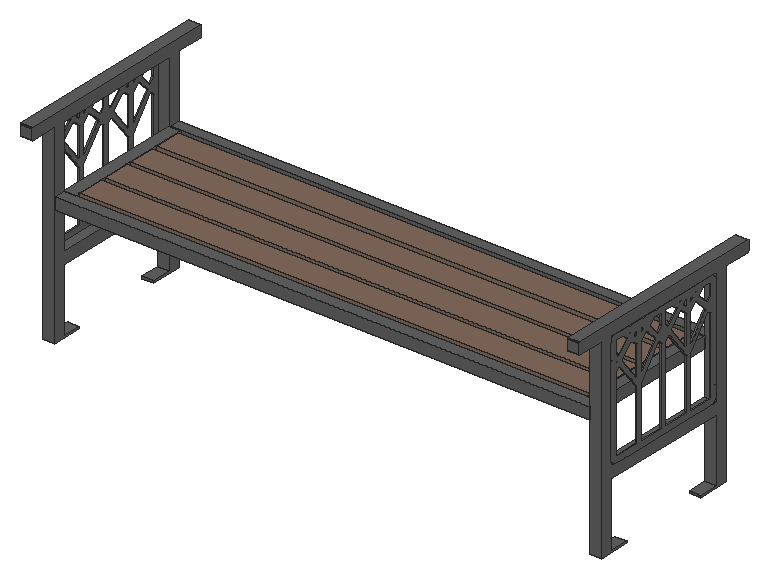
Revit family
Parameters (values of type "BN1-1100")
  Type Comments = "Backless Bench"
  Side Panel Width = Length  # 6' - 0"
  Seat Material = Wood - SiteScapes - IPE - Brown
  Product Page URL = "http://www.sitescapesonline.com/banning-park-benches.asp"
  Product Documentation Link = "http://www.sitescapesonline.com/PDF/BN1-1100%20-%20Customer%20Print.PDF"
  Panel Back Width = 5' - 7"
  Model = "BN1-1100"
  Manufacturer = "SiteScapes Inc."  # constant formula
  Length = 6' - 0"
  Height = 2' - 2 1/2"  # constant formula
  Frame Width = 5' - 9"
  Bench Material = Steel - SiteScapes - Powder Coat - Onyx
  Description = "Banning Pattern, Backless Bench, Six foot length, Steel Bar Ends"
  Depth = 2' - 2 1/2"  # constant formula
  Copyright © = " 2010 SiteScapes Inc."  # constant formula
  Bracing Width [instance] = 1' - 8"
  02 Bracing Horizontal Type = Bracing-Horizontal-SiteScapes-Square_Steel_Tube : Square_Steel_Tube-6ft
  01 Panel Type = Seat-Panel-SiteScapes-Slat : Wood_Slats-6ft
Reference planes (in)
  plane 1 "Center Front/Back": y = 0
  plane 2 "Original Bottom": z = 0
  plane 3 "Center Left/Right": x = 0
  plane 4 "Left": x = -36
  plane 5 "Right": x = 36
  plane 6 "Side Panel Width L": x = -34.5
  plane 7 "Side Panel Width R": x = 34.5
  plane 8 "Front": y = -26.5
  plane 9 "Frame Side Origin F/B": y = -3
  plane 10 "Frame Side Origin T/B": z = 0
  plane 11 "Frame Back Origin F/B": y = -1.375
  plane 12 "Frame Back Origin T/B": z = 0
  plane 13 "Bracing Origin F/B": y = -23
  plane 14 "Bracing Origin T/B": z = 17
  plane 15 "Panel Seat Origin F/B": y = -21.5
  plane 16 "Panel Seat Origin T/B": z = 17
  plane 17 "Panel Back Origin F/B": y = -2.9375
  plane 18 "Panel Back Origin T/B": z = 0
  plane 19 "Panel Side Origin F/B": y = -4.625
  plane 20 "Panel Side Origin T/B": z = 10
  plane 21 "Top": z = 26.5
  plane 22 "Side Panel Right": x = 36
  plane 23 "Side Panel Left": x = -36
  plane 24 "Arm Rest Origin T/B": z = 14.5
  plane 25 "Arm Rest Origin F/B": y = -4.75
Dimensions and locks (in)
  equal spacing: plane 4 "Left", plane 3 "Center Left/Right", plane 5 "Right"
  "Length": plane 4 "Left" to plane 5 "Right"
  locked: plane 23 "Side Panel Left" to plane 6 "Side Panel Width L" at 1.5
  locked: plane 7 "Side Panel Width R" to plane 22 "Side Panel Right" at 1.5
  locked: plane 9 "Frame Side Origin F/B" to plane 1 "Center Front/Back" at 3
  plane 17 "Panel Back Origin F/B" to plane 1 "Center Front/Back" = 0' - 2 15/16"
  plane 11 "Frame Back Origin F/B" to plane 1 "Center Front/Back" = 0' - 1 3/8"
  locked: plane 19 "Panel Side Origin F/B" to plane 1 "Center Front/Back" at 4.625
  locked: plane 13 "Bracing Origin F/B" to plane 1 "Center Front/Back" at 23
  locked: plane 15 "Panel Seat Origin F/B" to plane 1 "Center Front/Back" at 21.5
  "Depth": plane 8 "Front" to plane 1 "Center Front/Back"
  locked: plane 10 "Frame Side Origin T/B" to plane 2 "Original Bottom"
  locked: plane 12 "Frame Back Origin T/B" to plane 2 "Original Bottom" at 0
  locked: plane 18 "Panel Back Origin T/B" to plane 2 "Original Bottom" at 0
  locked: plane 14 "Bracing Origin T/B" to plane 2 "Original Bottom" at 17
  locked: plane 20 "Panel Side Origin T/B" to plane 2 "Original Bottom" at 10
  locked: plane 16 "Panel Seat Origin T/B" to plane 2 "Original Bottom" at 17
  "Height": plane 21 "Top" to plane 2 "Original Bottom"
  equal spacing: plane 23 "Side Panel Left", plane 3 "Center Left/Right", plane 22 "Side Panel Right"
  "Side Panel Width": plane 23 "Side Panel Left" to plane 22 "Side Panel Right"
  plane 24 "Arm Rest Origin T/B" to plane 2 "Original Bottom" = 1' - 2 1/2"
  "Bracing Width": plane 9 "Frame Side Origin F/B" to plane 13 "Bracing Origin F/B"
  aligned and locked: level to plane 2 "Original Bottom"
  aligned: nested 1 to plane 5 "Right"
  aligned: plane 4 "Left" to nested 2
  aligned: plane 10 "Frame Side Origin T/B" to nested 1  (x2)
  aligned: nested 1 to plane 9 "Frame Side Origin F/B"
  aligned and locked: plane 14 "Bracing Origin T/B" to nested 3
  aligned: plane 13 "Bracing Origin F/B" to nested 3
  aligned: plane 3 "Center Left/Right" to nested 3
  aligned: nested 1 to plane 22 "Side Panel Right"  (x2)
  aligned: plane 23 "Side Panel Left" to nested 2  (x3)
  aligned and locked: nested 4 to plane 25 "Arm Rest Origin F/B"
  aligned and locked: plane 24 "Arm Rest Origin T/B" to nested 4
  aligned: plane 3 "Center Left/Right" to nested 4
  aligned and locked: plane 10 "Frame Side Origin T/B" to nested 2
  aligned and locked: nested 1 to plane 9 "Frame Side Origin F/B"
  aligned and locked: plane 10 "Frame Side Origin T/B" to nested 1
  aligned: nested 2 to plane 9 "Frame Side Origin F/B"
  aligned: plane 13 "Bracing Origin F/B" to nested 2  (x2)
  aligned: plane 15 "Panel Seat Origin F/B" to nested 2
  aligned and locked: nested 2 to plane 6 "Side Panel Width L"
  aligned and locked: plane 7 "Side Panel Width R" to nested 1
  aligned and locked: plane 6 "Side Panel Width L" to nested 3
  aligned: nested 3 to plane 7 "Side Panel Width R"
  aligned and locked: plane 13 "Bracing Origin F/B" to nested 3
  aligned and locked: nested 2 to plane 9 "Frame Side Origin F/B"
  aligned and locked: plane 20 "Panel Side Origin T/B" to nested 5
  aligned and locked: plane 20 "Panel Side Origin T/B" to nested 6
  aligned and locked: nested 5 to plane 19 "Panel Side Origin F/B"
  aligned and locked: nested 6 to plane 19 "Panel Side Origin F/B"
  aligned and locked: plane 23 "Side Panel Left" to nested 5
  aligned and locked: nested 6 to plane 22 "Side Panel Right"
  aligned and locked: plane 3 "Center Left/Right" to nested 7
  aligned and locked: plane 3 "Center Left/Right" to nested 8
  aligned and locked: plane 16 "Panel Seat Origin T/B" to nested 8
  aligned and locked: plane 16 "Panel Seat Origin T/B" to nested 7
  aligned and locked: plane 15 "Panel Seat Origin F/B" to nested 7
  aligned and locked: plane 15 "Panel Seat Origin F/B" to nested 8
  aligned and locked: plane 3 "Center Left/Right" to nested 9
  aligned and locked: plane 14 "Bracing Origin T/B" to nested 9
  aligned and locked: plane 13 "Bracing Origin F/B" to nested 9
Nested families (in)
  nested 1: "Frame-Side-SiteScapes-Backless_Wall_Steel_Tubing" at (35.25, -3, 0), type "27 3/4"x33 7/8""
  nested 2: "Frame-Side-SiteScapes-Backless_Wall_Steel_Tubing" at (-35.25, -3, 0), type "27 3/4"x33 7/8""
  nested 3: "Bracing-Horizontal-SiteScapes-Steel_Sheet_Metal_Square" at (0, -3, 15.5), type "1 1/2"x1/4"x5'-9""
  nested 4: "Unused-SiteScapes-Component" at (-0.25, -4.75, 14.5), type "Empty Space"
  nested 5: "Panel-Side-SiteScapes-Backless_Steel_Sheet_Metal" at (-35.91, -4.625, 10), type "1' 8 3/4"x9 1/4"x3/16""
  nested 6: "Panel-Side-SiteScapes-Backless_Steel_Sheet_Metal" at (35.91, -4.625, 10), type "1' 8 3/4"x9 1/4"x3/16""
  nested 7: "Seat-Panel-SiteScapes-Slat" at (0, -5.0625, 16), type <- "01 Panel Type", type "Wood_Slats-6ft"
  nested 8: "Seat-Panel-SiteScapes-Slat" at (0, -5.0625, 16), type <- "01 Panel Type", type "Wood_Slats-6ft"
  nested 9: "Bracing-Horizontal-SiteScapes-Square_Steel_Tube" at (0, -3, 15.5), type <- "02 Bracing Horizontal Type", type "Square_Steel_Tube-6ft", detail levels medium+fine
    with Has Support Bars yes
Definition of nested family "Frame-Side-SiteScapes-Backless_Wall_Steel_Tubing"
  Parameters (values of type "27 3/4"x33 7/8"")
    Width = 0' - 1 1/2"
    Product Page URL = ""
    Product Documentation Link = ""
    Material = Steel - SiteScapes - Powder Coat - Onyx
    Frame Back Height = 2' - 9 7/8"
    Depth = 1' - 11.49714"
    Copyright © = ""
    Bracing Height Inset = 0' - 10"
    Assembly Code = ""
    Arm Rest Height = 2' - 2 1/4"
  Reference planes (in)
    plane 1 "Center (Front/Back)": y = 0
    plane 2 "Original Bottom": z = 0
    plane 3 "Center (Left/Right)": x = 0
    plane 4 "Left": x = -0.75
    plane 5 "Right": x = 0.75
    plane 6 "Right Offset": x = 1
    plane 7 "Left Offset": x = -1
    plane 8 "Bottom Base": z = 0.25
    plane 9 "Back Inset": y = -4
    plane 10 "Front": y = -20
    plane 11 "Front Inset": y = -16
    plane 12: z = 26.5
    plane 13: z = 10
  Forms (in)
    Sweep 1, solid, material "Steel - SiteScapes - Powder Coat - Onyx" <- "Material", detail levels medium+fine
      path origin (0, 0, 0) x (1, 0, 0) y (0, 0, 1)
        loop
          line (0.75, 33.875) -> (-0.75, 33.875)
      profile origin (0, 0, 33.875) x (0, 0, -1) y (0, -1, 0)
        loop
          line (7.375, -3.50286) -> (7.5, -3.50286) -> (7.5, -3.62214) -> (8.75, -3.62214) -> (8.75, -3.49714) -> (8.875, -3.49714) -> (8.875, 0) -> (33.625, 0) -> (33.875, 0) -> (33.875, 4) -> (33.625, 4) -> (33.625, 1.5) -> (25.375, 1.5) -> (25.375, 18.5) -> (33.625, 18.5) -> (33.625, 16) -> (33.875, 16) -> (33.875, 20) -> (33.625, 20) -> (8.875, 20) -> (8.875, 23.49714) -> (8.75, 23.49714) -> (8.75, 23.62214) -> (7.5, 23.62214) -> (7.5, 23.49714) -> (7.375, 23.49714) -> (7.375, -3.50286)
        loop
          line (23.875, 1.5) -> (23.875, 18.5) -> (8.875, 18.5) -> (8.875, 1.5) -> (23.875, 1.5)
  Lines and regions (in)
    Masking region 1, detail levels medium+fine
      outline origin (0, -27.75, 0) x (-1, 0, 0) y (0, 0, 1)
        loop
          line (0.75, 0) -> (0.75, 26.5) -> (-0.75, 26.5) -> (-0.75, 0) -> (0.75, 0)
    Masking region 2, detail levels medium+fine
      outline origin (0, 0, 0) x (0, 1, 0) y (0, 0, 1)
        loop
          line (-4, 0) -> (0, 0) -> (0, 0.25) -> (0, 25) -> (3.49714, 25) -> (3.49714, 26.5) -> (-23.49714, 26.5) -> (-23.49714, 26.25) -> (-23.49714, 25.25) -> (-23.49714, 25) -> (-20, 25) -> (-20, 0.25) -> (-20, 0) -> (-16, 0) -> (-16, 0.25) -> (-18.5, 0.25) -> (-18.5, 8.5) -> (-1.5, 8.5) -> (-1.5, 0.25) -> (-4, 0.25) -> (-4, 0)
        loop
          line (-18.5, 25) -> (-18.5, 10) -> (-1.5, 10) -> (-1.5, 25) -> (-18.5, 25)
    Masking region 3, detail levels medium+fine
      outline origin (0, 0, 0) x (1, 0, 0) y (0, 1, 0)
        loop
          line (-0.75, 3.62214) -> (-0.75, -23.62214) -> (0.75, -23.62214) -> (0.75, 3.62214) -> (-0.75, 3.62214)
    model lines, style "Bench Frame", detail levels coarse
      curve 1: line (0, -20, 0.25) -> (0, -20, 0)
    model lines, detail levels coarse
      curve 2: line (0, -23.49714, 25.75) -> (0, 3.49714, 25.75)
      curve 3: line (0, -19.25, 0) -> (0, -19.25, 25.75)
      curve 4: line (0, -0.75, 0) -> (0, -0.75, 25.75)
      curve 5: line (0, -0.75, 9.25) -> (0, -19.25, 9.25)
      curve 6: line (0, -0.75, 0) -> (0, -4, 0)
      curve 7: line (0, -19.25, 0) -> (0, -16, 0)
  Dimensions and locks (in)
    equal spacing: plane 4 "Left", plane 3 "Center (Left/Right)", plane 5 "Right"
    "Width": plane 4 "Left" to plane 5 "Right"
    locked: plane 5 "Right" to plane 6 "Right Offset" at 0.25
    locked: plane 7 "Left Offset" to plane 4 "Left" at 0.25
    locked: plane 8 "Bottom Base" to plane 2 "Original Bottom" at 0.25
    "Arm Rest Height": plane 12 to plane 8 "Bottom Base"
    "Bracing Height Inset": plane 13 to plane 2 "Original Bottom"
    aligned and locked: plane 2 "Original Bottom" to level
    aligned and locked: plane 5 "Right" to Sweep 1 sketch curve
    aligned and locked: plane 4 "Left" to Sweep 1 sketch curve
    aligned: Masking region 1 to plane 6 "Right Offset"  (x2)
    aligned: Masking region 1 to plane 7 "Left Offset"  (x2)
    aligned and locked: Masking region 1 to plane 5 "Right"
    aligned and locked: Masking region 1 to plane 4 "Left"
    aligned and locked: level to Masking region 1
    aligned and locked: Masking region 3 sketch curve to Sweep 1
    aligned and locked: Sweep 1 to Masking region 3 sketch curve
    aligned: Masking region 1 to Sweep 1  (x3)
    aligned: Masking region 1 to plane 8 "Bottom Base"  (x2)
    aligned and locked: Sweep 1 to plane 9 "Back Inset"
    aligned and locked: Sweep 1 to plane 1 "Center (Front/Back)"
    aligned and locked: Sweep 1 to plane 10 "Front"
    aligned: Masking region 2 to plane 9 "Back Inset"
    aligned: Masking region 2 to plane 1 "Center (Front/Back)"
    aligned and locked: plane 11 "Front Inset" to Sweep 1
    aligned: Sweep 1 to Masking region 2  (x3)
    aligned: Masking region 2 to Sweep 1  (x6)
    aligned: Masking region 2 to plane 10 "Front"
    aligned: plane 8 "Bottom Base" to Masking region 2
    aligned: plane 11 "Front Inset" to Masking region 2
    aligned: Masking region 2 to level  (x2)
    aligned: Masking region 3 to Sweep 1
    aligned and locked: Masking region 3 to Sweep 1  (x2)
    aligned and locked: plane 12 to Sweep 1
    aligned and locked: plane 13 to Sweep 1
    aligned and locked: Masking region 2 sketch curve to curve 1
    aligned and locked: Masking region 1 to plane 12
  Automatic sketch dimensions
    Masking region 3 sketch curve to plane 1 "Center (Front/Back)" = 0' - 3.62214"
    Masking region 3 sketch curve to plane 10 "Front" = 0' - 3.62214"
    Masking region 1 sketch curve to level = 0' - 0"
    plane 5 "Right" to Masking region 1 sketch curve = 0' - 0"
    plane 4 "Left" to Masking region 1 sketch curve = 0' - 0"
    plane 12 to Sweep 1 sketch curve = 0' - 7 3/8"
    plane 12 to Masking region 1 sketch curve = 0' - 0"
    Sweep 1 sketch curve to plane 1 "Center (Front/Back)" = 0' - 0"
    Sweep 1 sketch curve to profile plane = 0' - 7 3/8"
    Sweep 1 sketch curve to Sweep 1 sketch curve = 0' - 0 1/8"  (x5)
    Sweep 1 sketch curve to Sweep 1 sketch curve = 0' - 1 1/4"  (x2)
    Sweep 1 sketch curve to Sweep 1 sketch curve = 0' - 0"  (x5)
    Sweep 1 sketch curve to Sweep 1 sketch curve = 1' - 3"
    Sweep 1 sketch curve to Sweep 1 sketch curve = 0' - 1 1/2"  (x2)
    plane 1 "Center (Front/Back)" to Sweep 1 sketch curve = 0' - 4"
    Sweep 1 sketch curve to Sweep 1 sketch curve = 0' - 8 1/4"  (x2)
    Sweep 1 sketch curve to Sweep 1 sketch curve = 0' - 0 1/4"  (x2)
    Sweep 1 sketch curve to Sweep 1 sketch curve = 0' - 3.49714"  (x2)
    Sweep 1 sketch curve to Sweep 1 sketch curve = 0' - 0.00572"
    Sweep 1 sketch curve to Sweep 1 sketch curve = 0' - 0.11928"
    plane 1 "Center (Front/Back)" to Sweep 1 sketch curve = 0' - 1 1/2"  (x2)
    Sweep 1 sketch curve to Sweep 1 sketch curve = 1' - 0"
    Sweep 1 sketch curve to Sweep 1 sketch curve = 0' - 2 1/2"
    plane 8 "Bottom Base" to Masking region 2 sketch curve = 0' - 0"  (x3)
    Masking region 2 sketch curve to Masking region 2 sketch curve = 0' - 0 1/4"  (x2)
    curve 7 to level = 0' - 0"
    curve 4 to level = 0' - 0"
    curve 2 to plane 12 = 0' - 0 3/4"
    curve 2 to plane 10 "Front" = 0' - 3.49714"
    plane 10 "Front" to curve 5 = 0' - 0 3/4"
    plane 1 "Center (Front/Back)" to curve 5 = 0' - 0 3/4"
    curve 5 to plane 13 = 0' - 0 3/4"
    plane 10 "Front" to Masking region 2 sketch curve = 0' - 1 1/2"  (x2)
    Masking region 2 sketch curve to plane 8 "Bottom Base" = 0' - 0"
    Masking region 2 sketch curve to plane 11 "Front Inset" = 0' - 0"
    curve 7 to plane 11 "Front Inset" = 0' - 0"
    curve 1 to level = 0' - 0"
    Masking region 2 sketch curve to level = 0' - 0"  (x2)
    curve 1 to plane 10 "Front" = 0' - 0"
    plane 8 "Bottom Base" to curve 1 = 0' - 0"
    Masking region 2 sketch curve to Masking region 2 sketch curve = 0' - 1 1/4"
    Masking region 2 sketch curve to plane 10 "Front" = 0' - 3.49714"
    Masking region 2 sketch curve to Masking region 2 sketch curve = 0' - 3.49714"
    Masking region 2 sketch curve to plane 12 = 0' - 1 1/2"  (x2)
    curve 2 to plane 1 "Center (Front/Back)" = 0' - 3.49714"
    Masking region 2 sketch curve to plane 12 = 0' - 0"
    Masking region 2 sketch curve to plane 13 = 0' - 0"
    plane 1 "Center (Front/Back)" to Masking region 2 sketch curve = 0' - 1 1/2"  (x2)
    Masking region 2 sketch curve to Masking region 2 sketch curve = 0' - 1 1/2"
    curve 6 to plane 9 "Back Inset" = 0' - 0"
    Masking region 2 sketch curve to plane 9 "Back Inset" = 0' - 0"
    Masking region 2 sketch curve to plane 1 "Center (Front/Back)" = 0' - 0"
Definition of nested family "Bracing-Horizontal-SiteScapes-Steel_Sheet_Metal_Square"
  Parameters (values of type "1 1/2"x1/4"x5'-9"")
    URL = "http://www.sitescapesonline.com/index.asp"
    Manufacturer = "SiteScapes Inc."  # constant formula
    Frame Width = 5' - 9"
    Product Page URL = ""
    Product Documentation Link = ""
    Material = none
    Height = 0' - 1 1/2"
    Has Support Bars [instance] = yes
    Depth = 1' - 8"
    Copyright © = "2010 SiteScapes Inc."  # constant formula
    Bracing Bar Depth = 0' - 1 1/2"
    Assembly Code = ""
  Types (2): name | Frame Width
    1 1/2"x1/4"x7'-9" | 7' - 9"
    1 1/2"x1/4"x5'-9" | 5' - 9"
  Reference planes (in)
    plane 1 "Center (Front/Back)": y = 0
    plane 2 "Original Bottom": z = 0
    plane 3 "Center (Left/Right)": x = 0
    plane 4 "Left": x = -34.5
    plane 5 "Right": x = 34.5
    plane 6 "Front": y = -20
    plane 7 "Top": z = 1.5
    plane 8 "Front Inset": y = -18.5
    plane 9 "Back Inset": y = -1.5
    plane 10 "Bar 1 Left": x = -32.5
    plane 11 "Bar 1 Right": x = -31
    plane 12 "Bar 2 Left": x = -11.33333
    plane 13 "Bar 2 Right": x = -9.83333
    plane 14 "Bar 3 Left": x = 9.83333
    plane 15 "Bar 3 Right": x = 11.33333
    plane 16 "Bar 4 Left": x = 31
    plane 17 "Bar 4 Right": x = 32.5
  Forms (in)
    Sweep 1, solid, material <- "Material", detail levels medium+fine
      path origin (0, -20, 0) x (-1, 0, 0) y (0, 0, 1)
        loop
          line (-34.5, 1.5) -> (34.5, 1.5)
      profile origin (0, -20, 1.5) x (0, 0, 1) y (0, 1, 0)
        loop
          line (-1.5, 1.5) -> (-1.5, 0) -> (0, 0) -> (0, 1.5) -> (-1.5, 1.5)
    Sweep 2, solid, material <- "Material", visible <- "Has Support Bars", detail levels medium+fine
      path origin (0, 0, 0.05462) x (1, 0, 0) y (0, 0, 1)
        loop
          line (34.5, 1.44538) -> (-34.5, 1.44538)
      profile origin (0, 0, 1.5) x (0, 0, -1) y (0, -1, 0)
        loop
          line (1.5, 0) -> (1.5, 1.5) -> (0, 1.5) -> (0, 0) -> (1.5, 0)
    Sweep 3, solid, material <- "Material", visible <- "Has Support Bars", detail levels medium+fine
      path origin (0, 0, -1) x (0, 1, 0) y (0, 0, 1)
        loop
          line (-18.5, 1.5) -> (-1.5, 1.5)
      profile origin (0, -10, 0.5) x (0, 0, 1) y (1, 0, 0)
        loop
          line (-0.5, 32.5) -> (-0.5, 31) -> (0, 31) -> (0, 32.5) -> (-0.5, 32.5)
        loop
          line (-0.5, 11.33333) -> (-0.5, 9.83333) -> (0, 9.83333) -> (0, 11.33333) -> (-0.5, 11.33333)
        loop
          line (-0.5, -9.83333) -> (-0.5, -11.33333) -> (0, -11.33333) -> (0, -9.83333) -> (-0.5, -9.83333)
        loop
          line (-0.5, -31) -> (-0.5, -32.5) -> (0, -32.5) -> (0, -31) -> (-0.5, -31)
    Sweep 4, solid, material <- "Material", visible <- "Has Support Bars", detail levels medium+fine
      path origin (-2, 0, 0) x (1, 0, 0) y (0, 1, 0)
        loop
          line (-34.5, -1.5) -> (-34.5, -18.5)
      profile origin (-36.5, -10, 0) x (1, 0, 0) y (0, 0, 1)
        loop
          line (2, 1.5) -> (2, 0) -> (3.5, 0) -> (3.5, 1.5) -> (2, 1.5)
        loop
          line (71, 1.5) -> (69.5, 1.5) -> (69.5, 0) -> (71, 0) -> (71, 1.5)
  Lines and regions (in)
    Masking region 1
      outline origin (0, 0, 0) x (0, 1, 0) y (0, 0, 1)
        loop
          line (-20, 1.5) -> (-20, 0) -> (0, 0) -> (0, 1.5) -> (-20, 1.5)
    Masking region 2, detail levels medium+fine
      outline origin (0, -20, 0) x (-1, 0, 0) y (0, 0, 1)
        loop
          line (34.5, 1.5) -> (-34.5, 1.5) -> (-34.5, 0) -> (34.5, 0) -> (34.5, 1.5)
    Masking region 3, detail levels medium+fine
      outline origin (0, 0, 0) x (1, 0, 0) y (0, 1, 0)
        loop
          line (34.5, 0) -> (-34.5, 0) -> (-34.5, -1.5) -> (-32.5, -1.5) -> (-32.5, -18.5) -> (-34.5, -18.5) -> (-34.5, -20) -> (34.5, -20) -> (34.5, -18.5) -> (32.5, -18.5) -> (32.5, -1.5) -> (34.5, -1.5) -> (34.5, 0)
        loop
          line (-31, -18.5) -> (-11.33333, -18.5) -> (-11.33333, -1.5) -> (-31, -1.5) -> (-31, -18.5)
        loop
          line (-9.83333, -18.5) -> (9.83333, -18.5) -> (9.83333, -1.5) -> (-9.83333, -1.5) -> (-9.83333, -18.5)
        loop
          line (11.33333, -18.5) -> (31, -18.5) -> (31, -1.5) -> (11.33333, -1.5) -> (11.33333, -18.5)
    Masking region 4, detail levels medium+fine
      outline origin (0, 0, 0) x (1, 0, 0) y (0, 1, 0)
        loop
          line (-34.5, -1.5) -> (-34.5, -18.5) -> (-33, -18.5) -> (-33, -1.5) -> (-34.5, -1.5)
    Masking region 5, detail levels medium+fine
      outline origin (0, 0, 0) x (0, 1, 0) y (-1, 0, 0)
        loop
          line (-1.5, -34.5) -> (-1.5, -33) -> (-18.5, -33) -> (-18.5, -34.5) -> (-1.5, -34.5)
    model lines, style "Bench Frame", detail levels coarse
      curve 1: line (-34.5, -0.75, 1.5) -> (34.5, -0.75, 1.5)
      curve 2: line (34.5, -19.25, 1.5) -> (-34.5, -19.25, 1.5)
      curve 3: line (-31.75, -19.25, 1.5) -> (-31.75, -0.75, 1.5)
      curve 4: line (-10.58333, -19.25, 1.5) -> (-10.58333, -0.75, 1.5)
      curve 5: line (10.58333, -0.75, 1.5) -> (10.58333, -19.25, 1.5)
      curve 6: line (31.75, -19.25, 1.5) -> (31.75, -0.75, 1.5)
      curve 7: line (-34.5, -0.75, 1.5) -> (-34.5, -19.25, 1.5)
      curve 8: line (34.5, -19.25, 1.5) -> (34.5, -0.75, 1.5)
  Dimensions and locks (in)
    equal spacing: plane 4 "Left", plane 3 "Center (Left/Right)", plane 5 "Right"
    "Frame Width": plane 4 "Left" to plane 5 "Right"
    "Height": plane 7 "Top" to plane 2 "Original Bottom"
    "Depth": plane 6 "Front" to plane 1 "Center (Front/Back)"
    "Bracing Bar Depth": plane 6 "Front" to plane 8 "Front Inset"
    "Bracing Bar Depth": plane 9 "Back Inset" to plane 1 "Center (Front/Back)"
    plane 4 "Left" to plane 10 "Bar 1 Left" = 0' - 2"
    locked: plane 10 "Bar 1 Left" to plane 11 "Bar 1 Right" at 1.5
    locked: plane 12 "Bar 2 Left" to plane 13 "Bar 2 Right" at 1.5
    locked: plane 14 "Bar 3 Left" to plane 15 "Bar 3 Right" at 1.5
    locked: plane 16 "Bar 4 Left" to plane 17 "Bar 4 Right" at 1.5
    equal spacing: plane 11 "Bar 1 Right", plane 13 "Bar 2 Right", plane 15 "Bar 3 Right", plane 17 "Bar 4 Right"
    locked: plane 17 "Bar 4 Right" to plane 5 "Right" at 2
    equal spacing: Sweep 3, curve 3, Sweep 3, locked at 0.75 each
    equal spacing: Sweep 3, curve 4, Sweep 3, locked at 0.75 each
    equal spacing: Sweep 3, curve 5, Sweep 3, locked at 0.75 each
    equal spacing: Sweep 3, curve 6, Sweep 3, locked at 0.75 each
    aligned and locked: level to plane 2 "Original Bottom"
    aligned and locked: plane 5 "Right" to Sweep 1 sketch curve
    aligned and locked: plane 4 "Left" to Sweep 1 sketch curve
    aligned and locked: plane 7 "Top" to Sweep 1 sketch curve
    aligned and locked: profile plane to Sweep 1 sketch curve
    aligned and locked: plane 6 "Front" to Sweep 1 sketch curve
    aligned and locked: Sweep 1 sketch curve to plane 2 "Original Bottom"
    aligned and locked: plane 8 "Front Inset" to Sweep 1 sketch curve
    aligned and locked: profile plane to Sweep 2 sketch curve
    aligned and locked: plane 7 "Top" to Sweep 2 sketch curve
    aligned and locked: plane 4 "Left" to Sweep 2 sketch curve
    aligned and locked: plane 5 "Right" to Sweep 2 sketch curve
    aligned and locked: plane 1 "Center (Front/Back)" to Sweep 2 sketch curve
    aligned and locked: plane 9 "Back Inset" to Sweep 2 sketch curve
    aligned and locked: plane 2 "Original Bottom" to Sweep 2 sketch curve
    aligned and locked: plane 8 "Front Inset" to Sweep 3 sketch curve
    aligned and locked: plane 9 "Back Inset" to Sweep 3 sketch curve
    aligned: Sweep 3 sketch curve to plane 7 "Top"
    aligned and locked: plane 11 "Bar 1 Right" to Sweep 3 sketch curve
    aligned and locked: Sweep 3 sketch curve to plane 10 "Bar 1 Left"
    aligned and locked: Sweep 3 sketch curve to plane 12 "Bar 2 Left"
    aligned and locked: plane 13 "Bar 2 Right" to Sweep 3 sketch curve
    aligned and locked: Sweep 3 sketch curve to plane 14 "Bar 3 Left"
    aligned and locked: plane 15 "Bar 3 Right" to Sweep 3 sketch curve
    aligned and locked: plane 17 "Bar 4 Right" to Sweep 3 sketch curve
    aligned and locked: Sweep 3 sketch curve to plane 16 "Bar 4 Left"
    aligned: plane 2 "Original Bottom" to Sweep 3 sketch curve
    aligned and locked: Masking region 1 sketch curve to Sweep 1  (x2)
    aligned and locked: Masking region 2 sketch curve to Sweep 1  (x4)
    aligned and locked: Masking region 3 sketch curve to Sweep 1  (x3)
    aligned and locked: Masking region 3 sketch curve to plane 8 "Front Inset"
    aligned and locked: plane 12 "Bar 2 Left" to Masking region 3
    aligned and locked: Masking region 3 to plane 13 "Bar 2 Right"
    aligned and locked: Masking region 3 to plane 11 "Bar 1 Right"
    aligned and locked: plane 10 "Bar 1 Left" to Masking region 3
    aligned and locked: Masking region 3 to plane 9 "Back Inset"  (x3)
    aligned and locked: Masking region 3 to plane 15 "Bar 3 Right"
    aligned and locked: plane 14 "Bar 3 Left" to Masking region 3
    aligned and locked: plane 16 "Bar 4 Left" to Masking region 3
    aligned and locked: Masking region 3 to plane 17 "Bar 4 Right"
    aligned and locked: plane 8 "Front Inset" to Masking region 3  (x3)
    aligned and locked: Masking region 3 to plane 1 "Center (Front/Back)"
    aligned and locked: Masking region 3 to plane 6 "Front"
    aligned and locked: plane 4 "Left" to Masking region 3  (x2)
    aligned and locked: plane 5 "Right" to Masking region 3
    aligned and locked: Masking region 1 to level
    aligned and locked: Masking region 1 to plane 1 "Center (Front/Back)"
    aligned and locked: curve 2 to curve 3
    aligned and locked: curve 1 to curve 3
    aligned and locked: Sweep 3 sketch curve to level  (x4)
    aligned: plane 5 "Right" to Sweep 4
    aligned: plane 7 "Top" to Sweep 4
    aligned: Sweep 4 to plane 2 "Original Bottom"
    aligned and locked: plane 4 "Left" to Sweep 4
    aligned and locked: plane 7 "Top" to Sweep 4
    aligned and locked: Sweep 4 to plane 2 "Original Bottom"
    aligned and locked: Masking region 4 sketch curve to Sweep 4  (x4)
    aligned and locked: plane 5 "Right" to Sweep 4 sketch curve
    aligned and locked: plane 7 "Top" to Sweep 4 sketch curve
    aligned and locked: Sweep 4 sketch curve to level
    aligned and locked: curve 7 to Sweep 4
    aligned and locked: curve 8 to Sweep 4
  Automatic sketch dimensions
    level to Sweep 3 sketch curve = 0' - 0 1/2"
    Sweep 3 sketch curve to profile plane = 0' - 0"  (x4)
    Masking region 1 sketch curve to level = 0' - 0"
    Masking region 1 sketch curve to plane 1 "Center (Front/Back)" = 0' - 0"
    plane 1 "Center (Front/Back)" to Masking region 3 sketch curve = 0' - 0"
    Masking region 3 sketch curve to plane 4 "Left" = 0' - 0"
    Masking region 3 sketch curve to plane 9 "Back Inset" = 0' - 0"  (x5)
    Masking region 3 sketch curve to plane 10 "Bar 1 Left" = 0' - 0"
    Masking region 3 sketch curve to plane 8 "Front Inset" = 0' - 0"  (x4)
    Masking region 3 sketch curve to plane 11 "Bar 1 Right" = 0' - 0"
    Masking region 3 sketch curve to plane 12 "Bar 2 Left" = 0' - 0"
    Masking region 3 sketch curve to plane 13 "Bar 2 Right" = 0' - 0"
    Masking region 3 sketch curve to plane 14 "Bar 3 Left" = 0' - 0"
    Masking region 3 sketch curve to plane 15 "Bar 3 Right" = 0' - 0"
    Masking region 3 sketch curve to plane 16 "Bar 4 Left" = 0' - 0"
    Masking region 3 sketch curve to plane 17 "Bar 4 Right" = 0' - 0"
    Masking region 3 sketch curve to plane 5 "Right" = 0' - 0"
    curve 1 to plane 4 "Left" = 0' - 0"
    curve 1 to plane 5 "Right" = 0' - 0"
    curve 2 to plane 4 "Left" = 0' - 0"
    curve 2 to plane 5 "Right" = 0' - 0"
    plane 1 "Center (Front/Back)" to curve 1 = 0' - 0 3/4"
    plane 6 "Front" to curve 2 = 0' - 0 3/4"
    Sweep 4 sketch curve to plane 8 "Front Inset" = 0' - 0"
    Sweep 4 sketch curve to plane 9 "Back Inset" = 0' - 0"
    plane 4 "Left" to Sweep 4 sketch curve = 0' - 2"
    Sweep 4 sketch curve to level = 0' - 0"
    Sweep 4 sketch curve to Sweep 4 sketch curve = 0' - 1 1/2"  (x2)
    Sweep 4 sketch curve to profile plane = 0' - 3 1/2"
    level to Sweep 4 sketch curve = 0' - 1 1/2"
    Masking region 5 sketch curve to plane 5 "Right" = 0' - 0"
    Masking region 5 sketch curve to plane 8 "Front Inset" = 0' - 0"
    Masking region 5 sketch curve to plane 9 "Back Inset" = 0' - 0"
    Masking region 5 sketch curve to plane 17 "Bar 4 Right" = 0' - 0 1/2"
    curve 7 to Sweep 4 = 0' - 0 3/4"  (x2)
    curve 8 to Sweep 4 = 0' - 0 3/4"  (x2)
Definition of nested family "Panel-Side-SiteScapes-Backless_Steel_Sheet_Metal"
  Parameters (values of type "1' 8 3/4"x9 1/4"x3/16"")
    Thickness = 0' - 0.18"
    Product Page URL = ""
    Product Documentation Link = ""
    Material = Steel - SiteScapes - Powder Coat - Onyx
    Height = 1' - 2.88"
    Depth = 1' - 4.88"
    Copyright © = ""
    Assembly Code = ""
  Reference planes (in)
    plane 1 "Center (Front/Back)": y = 0
    plane 2 "Original Bottom": z = 0
    plane 3 "Center (Left/Right)": x = 0
    plane 4 "Left": x = -0.09
    plane 5 "Right": x = 0.09
    plane 6 "Front": y = -16.88
    plane 7 "Front Inset": y = -16.13
    plane 8 "Back Inset": y = -0.75
    plane 9 "Top Inset": z = 8.5
    plane 10 "Top": z = 14.88
    plane 11: z = 14.16875
    plane 12 "Bottom Inset": z = 0.71125
  Forms (in)
    Sweep 1, solid, material "Steel - SiteScapes - Powder Coat - Onyx" <- "Material", detail levels medium+fine
      path origin (0, 0, 0) x (1, 0, 0) y (0, 0, 1)
        loop
          line (0.09, 9.25) -> (-0.09, 9.25)
      profile origin (0, 0, 9.25) x (0, 0, -1) y (0, -1, 0)
        loop
          line (-5.37993, 14.85003) -> (-5.63, 14.85003) -> (-5.63, 14.10003) -> (-5.37998, 14.10003)
          arc (-5.37998, 14.10003) -> (-5.36491, 14.085) -> (-5.37998, 14.06997) r 0.01503
          line (-5.37998, 14.06997) -> (-5.63, 14.06997) -> (-5.63, 2.25644) -> (-5.37994, 2.25644)
          arc (-5.37994, 2.25644) -> (-5.36491, 2.24141) -> (-5.37994, 2.22638) r 0.01503
          line (-5.37994, 2.22638) -> (-5.63, 2.22638) -> (-5.63, 1.47638) -> (-5.37989, 1.47638)
          arc (-5.37989, 1.47638) -> (-5.36486, 1.46129) -> (-5.38001, 1.44632) r 0.01503
          line (-5.38001, 1.44632) -> (-5.63, 1.44632) -> (-5.63, 0.41795) -> (-5.13193, 0.00003) -> (0.94817, 0.00003) -> (0.94817, 0.25009)
          arc (0.94817, 0.25009) -> (0.9632, 0.26512) -> (0.97823, 0.25009) r 0.01503
          line (0.97823, 0.25009) -> (0.97823, 0.00003) -> (1.72823, 0.00003) -> (1.72823, 0.25009)
          arc (1.72823, 0.25009) -> (1.74328, 0.26512) -> (1.75829, 0.25005) r 0.01503
          line (1.75829, 0.25005) -> (1.75829, 0.00003) -> (6.43994, 0.00003) -> (6.43994, 0.25009)
          arc (6.43994, 0.25009) -> (6.45497, 0.26512) -> (6.47, 0.25009) r 0.01503
          line (6.47, 0.25009) -> (6.47, 0.00003) -> (7.22, 0.00003) -> (7.22, 0.25009)
          arc (7.22, 0.25009) -> (7.23506, 0.26512) -> (7.25006, 0.25002) r 0.01503
          line (7.25006, 0.25002) -> (7.25006, 0.00003) -> (8.75, 0.00003) -> (9.25, 0.50003) -> (9.25, 1.99997) -> (8.99994, 1.99997)
          arc (8.99994, 1.99997) -> (8.98491, 2.015) -> (8.99994, 2.03003) r 0.01503
          line (8.99994, 2.03003) -> (9.25, 2.03003) -> (9.25, 2.78003) -> (8.99997, 2.78003)
          arc (8.99997, 2.78003) -> (8.98494, 2.79506) -> (8.99997, 2.81009) r 0.01503
          line (8.99997, 2.81009) -> (9.25, 2.81009) -> (9.25, 14.06997) -> (8.99998, 14.06997)
          arc (8.99998, 14.06997) -> (8.98495, 14.085) -> (8.99998, 14.10003) r 0.01503
          line (8.99998, 14.10003) -> (9.25, 14.10003) -> (9.25, 14.85003) -> (8.99995, 14.85003)
          arc (8.99995, 14.85003) -> (8.98492, 14.86506) -> (8.99995, 14.88009) r 0.01503
          line (8.99995, 14.88009) -> (9.25, 14.88009) -> (9.25, 16.38003) -> (8.75, 16.88003) -> (7.25006, 16.88003) -> (7.25006, 16.62996)
          arc (7.25006, 16.62996) -> (7.23503, 16.61493) -> (7.22, 16.62996) r 0.01503
          line (7.22, 16.62996) -> (7.22, 16.88003) -> (6.47, 16.88003) -> (6.47, 16.62995)
          arc (6.47, 16.62995) -> (6.45498, 16.61492) -> (6.43994, 16.62992) r 0.01503
          line (6.43994, 16.62992) -> (6.43994, 16.88003) -> (-2.81994, 16.88003) -> (-2.81994, 16.62996)
          arc (-2.81994, 16.62996) -> (-2.83497, 16.61493) -> (-2.85, 16.62996) r 0.01503
          line (-2.85, 16.62996) -> (-2.85, 16.88003) -> (-3.6, 16.88003) -> (-3.6, 16.62995)
          arc (-3.6, 16.62995) -> (-3.61501, 16.61492) -> (-3.63006, 16.62992) r 0.01503
          line (-3.63006, 16.62992) -> (-3.63006, 16.88003) -> (-5.13, 16.88003) -> (-5.63, 16.38003) -> (-5.63, 14.88009) -> (-5.37993, 14.88009)
          arc (-5.37993, 14.88009) -> (-5.3649, 14.86506) -> (-5.37993, 14.85003) r 0.01503
        loop
          line (-4.91875, 14.87813) -> (-4.27966, 14.15915)
          arc (-4.27966, 14.15915) -> (-4.23554, 14.13823) -> (-4.18984, 14.15542) r 0.0625
          line (-4.18984, 14.15542) -> (-2.73487, 15.54161)
          arc (-2.73487, 15.54161) -> (-2.71555, 15.58972) -> (-2.73918, 15.63586) r 0.0625
          line (-2.73918, 15.63586) -> (-3.36553, 16.13003) -> (-4.88875, 16.13003)
          arc (-4.88875, 16.13003) -> (-4.90996, 16.12124) -> (-4.91875, 16.10003) r 0.03
          line (-4.91875, 16.10003) -> (-4.91875, 14.87813)
        loop
          arc (-4.91875, 13.53099) -> (-4.90057, 13.50341) -> (-4.86806, 13.50926) r 0.03
          line (-4.86806, 13.50926) -> (-4.68789, 13.68091)
          arc (-4.68789, 13.68091) -> (-4.66856, 13.72357) -> (-4.68429, 13.76769) r 0.0625
          line (-4.68429, 13.76769) -> (-4.86633, 13.97248)
          arc (-4.86633, 13.97248) -> (-4.89941, 13.98059) -> (-4.91875, 13.95255) r 0.03
          line (-4.91875, 13.95255) -> (-4.91875, 13.53099)
        loop
          arc (-4.83821, 12.76078) -> (-4.84567, 12.72654) -> (-4.81666, 12.7069) r 0.03125
          line (-4.81666, 12.7069) -> (-3.81096, 12.7069)
          arc (-3.81096, 12.7069) -> (-3.78245, 12.72535) -> (-3.78761, 12.75891) r 0.03125
          line (-3.78761, 12.75891) -> (-4.22727, 13.25353)
          arc (-4.22727, 13.25353) -> (-4.27135, 13.27446) -> (-4.31703, 13.25732) r 0.0625
          line (-4.31703, 13.25732) -> (-4.83821, 12.76078)
        loop
          line (-2.98877, 12.7069) -> (0.79309, 12.7069)
          arc (0.79309, 12.7069) -> (0.85213, 12.74891) -> (0.8318, 12.81847) r 0.0625
          line (0.8318, 12.81847) -> (-2.19407, 15.20579)
          arc (-2.19407, 15.20579) -> (-2.23567, 15.21915) -> (-2.27586, 15.20201) r 0.0625
          line (-2.27586, 15.20201) -> (-3.81895, 13.73186)
          arc (-3.81895, 13.73186) -> (-3.83837, 13.68912) -> (-3.82257, 13.64492) r 0.0625
          line (-3.82257, 13.64492) -> (-2.98877, 12.7069)
        loop
          line (1.83093, 12.70687) -> (8.50876, 12.70687)
          arc (8.50876, 12.70687) -> (8.52997, 12.71566) -> (8.53875, 12.73686) r 0.02999
          line (8.53875, 12.73686) -> (8.53875, 16.09999)
          arc (8.53875, 16.09999) -> (8.52996, 16.12121) -> (8.50874, 16.13) r 0.03001
          line (8.50874, 16.13) -> (-1.30182, 16.13) -> (-1.79596, 15.65922)
          arc (-1.79596, 15.65922) -> (-1.81528, 15.61106) -> (-1.79156, 15.5649) r 0.0625
          line (-1.79156, 15.5649) -> (1.83093, 12.70687)
        loop
          arc (-2.33676, 15.99505) -> (-2.29509, 15.98168) -> (-2.25487, 15.99892) r 0.0625
          line (-2.25487, 15.99892) -> (-2.17161, 16.07824)
          arc (-2.17161, 16.07824) -> (-2.16437, 16.11113) -> (-2.19224, 16.13003) r 0.03
          line (-2.19224, 16.13003) -> (-2.42138, 16.13003)
          arc (-2.42138, 16.13003) -> (-2.44974, 16.10982) -> (-2.4399, 16.07642) r 0.03
          line (-2.4399, 16.07642) -> (-2.33676, 15.99505)
        loop
          line (-4.91875, 9.97315) -> (-4.91875, 8.75125)
          arc (-4.91875, 8.75125) -> (-4.90996, 8.73004) -> (-4.88875, 8.72125) r 0.03
          line (-4.88875, 8.72125) -> (-3.36553, 8.72125) -> (-2.73918, 9.21542)
          arc (-2.73918, 9.21542) -> (-2.71555, 9.26156) -> (-2.73487, 9.30966) r 0.0625
          line (-2.73487, 9.30966) -> (-4.18984, 10.69585)
          arc (-4.18984, 10.69585) -> (-4.23554, 10.71305) -> (-4.27966, 10.69212) r 0.0625
          line (-4.27966, 10.69212) -> (-4.91875, 9.97315)
        loop
          line (-4.91875, 11.32029) -> (-4.91875, 10.89873)
          arc (-4.91875, 10.89873) -> (-4.89941, 10.87069) -> (-4.86633, 10.8788) r 0.03
          line (-4.86633, 10.8788) -> (-4.68429, 11.08359)
          arc (-4.68429, 11.08359) -> (-4.66856, 11.1277) -> (-4.68789, 11.17036) r 0.0625
          line (-4.68789, 11.17036) -> (-4.86806, 11.34201)
          arc (-4.86806, 11.34201) -> (-4.90057, 11.34787) -> (-4.91875, 11.32029) r 0.03
        loop
          line (-4.83821, 12.0905) -> (-4.31703, 11.59395)
          arc (-4.31703, 11.59395) -> (-4.27135, 11.57682) -> (-4.22727, 11.59774) r 0.0625
          line (-4.22727, 11.59774) -> (-3.78761, 12.09236)
          arc (-3.78761, 12.09236) -> (-3.78245, 12.12593) -> (-3.81096, 12.14437) r 0.03125
          line (-3.81096, 12.14437) -> (-4.81666, 12.14437)
          arc (-4.81666, 12.14437) -> (-4.84567, 12.12473) -> (-4.83821, 12.0905) r 0.03125
        loop
          line (-2.98877, 12.14437) -> (-3.82257, 11.20635)
          arc (-3.82257, 11.20635) -> (-3.83837, 11.16215) -> (-3.81895, 11.11942) r 0.0625
          line (-3.81895, 11.11942) -> (-2.27586, 9.64927)
          arc (-2.27586, 9.64927) -> (-2.23567, 9.63212) -> (-2.19407, 9.64549) r 0.0625
          line (-2.19407, 9.64549) -> (0.8318, 12.03281)
          arc (0.8318, 12.03281) -> (0.85213, 12.10236) -> (0.79309, 12.14437) r 0.0625
          line (0.79309, 12.14437) -> (-2.98877, 12.14437)
        loop
          line (1.83093, 12.1444) -> (-1.79156, 9.28637)
          arc (-1.79156, 9.28637) -> (-1.81528, 9.24022) -> (-1.79596, 9.19206) r 0.0625
          line (-1.79596, 9.19206) -> (-1.30182, 8.72128) -> (8.50874, 8.72128)
          arc (8.50874, 8.72128) -> (8.52996, 8.73007) -> (8.53875, 8.75129) r 0.03001
          line (8.53875, 8.75129) -> (8.53875, 12.11441)
          arc (8.53875, 12.11441) -> (8.52997, 12.13562) -> (8.50876, 12.1444) r 0.02999
          line (8.50876, 12.1444) -> (1.83093, 12.1444)
        loop
          line (-2.33676, 8.85623) -> (-2.4399, 8.77485)
          arc (-2.4399, 8.77485) -> (-2.44974, 8.74145) -> (-2.42138, 8.72125) r 0.03
          line (-2.42138, 8.72125) -> (-2.19224, 8.72125)
          arc (-2.19224, 8.72125) -> (-2.16437, 8.74015) -> (-2.17161, 8.77303) r 0.03
          line (-2.17161, 8.77303) -> (-2.25487, 8.85236)
          arc (-2.25487, 8.85236) -> (-2.29509, 8.86959) -> (-2.33676, 8.85623) r 0.0625
        loop
          line (-4.91875, 2.00192) -> (-4.91875, 0.78002)
          arc (-4.91875, 0.78002) -> (-4.90996, 0.75881) -> (-4.88875, 0.75002) r 0.03
          line (-4.88875, 0.75002) -> (-3.36553, 0.75002) -> (-2.73918, 1.24419)
          arc (-2.73918, 1.24419) -> (-2.71555, 1.29033) -> (-2.73487, 1.33844) r 0.0625
          line (-2.73487, 1.33844) -> (-4.18984, 2.72463)
          arc (-4.18984, 2.72463) -> (-4.23554, 2.74182) -> (-4.27966, 2.7209) r 0.0625
          line (-4.27966, 2.7209) -> (-4.91875, 2.00192)
        loop
          line (-4.91875, 3.34907) -> (-4.91875, 2.92751)
          arc (-4.91875, 2.92751) -> (-4.89941, 2.89946) -> (-4.86633, 2.90757) r 0.03
          line (-4.86633, 2.90757) -> (-4.68429, 3.11237)
          arc (-4.68429, 3.11237) -> (-4.66856, 3.15648) -> (-4.68789, 3.19914) r 0.0625
          line (-4.68789, 3.19914) -> (-4.86806, 3.37079)
          arc (-4.86806, 3.37079) -> (-4.90057, 3.37664) -> (-4.91875, 3.34907) r 0.03
        loop
          line (-4.83821, 4.11927) -> (-4.31703, 3.62273)
          arc (-4.31703, 3.62273) -> (-4.27135, 3.60559) -> (-4.22727, 3.62652) r 0.0625
          line (-4.22727, 3.62652) -> (-3.78761, 4.12114)
          arc (-3.78761, 4.12114) -> (-3.78245, 4.1547) -> (-3.81096, 4.17315) r 0.03125
          line (-3.81096, 4.17315) -> (-4.81666, 4.17315)
          arc (-4.81666, 4.17315) -> (-4.84567, 4.15351) -> (-4.83821, 4.11927) r 0.03125
        loop
          line (-2.98877, 4.17315) -> (-3.82257, 3.23513)
          arc (-3.82257, 3.23513) -> (-3.83837, 3.19093) -> (-3.81895, 3.14819) r 0.0625
          line (-3.81895, 3.14819) -> (-2.27586, 1.67805)
          arc (-2.27586, 1.67805) -> (-2.23567, 1.6609) -> (-2.19407, 1.67427) r 0.0625
          line (-2.19407, 1.67427) -> (0.8318, 4.06158)
          arc (0.8318, 4.06158) -> (0.85213, 4.13114) -> (0.79309, 4.17315) r 0.0625
          line (0.79309, 4.17315) -> (-2.98877, 4.17315)
        loop
          line (1.83093, 4.17318) -> (-1.79156, 1.31515)
          arc (-1.79156, 1.31515) -> (-1.81528, 1.26899) -> (-1.79596, 1.22083) r 0.0625
          line (-1.79596, 1.22083) -> (-1.30182, 0.75005) -> (8.50874, 0.75005)
          arc (8.50874, 0.75005) -> (8.52996, 0.75884) -> (8.53875, 0.78006) r 0.03001
          line (8.53875, 0.78006) -> (8.53875, 4.14319)
          arc (8.53875, 4.14319) -> (8.52997, 4.16439) -> (8.50876, 4.17318) r 0.02999
          line (8.50876, 4.17318) -> (1.83093, 4.17318)
        loop
          line (-2.33676, 0.88501) -> (-2.4399, 0.80363)
          arc (-2.4399, 0.80363) -> (-2.44974, 0.77023) -> (-2.42138, 0.75002) r 0.03
          line (-2.42138, 0.75002) -> (-2.19224, 0.75002)
          arc (-2.19224, 0.75002) -> (-2.16437, 0.76892) -> (-2.17161, 0.80181) r 0.03
          line (-2.17161, 0.80181) -> (-2.25487, 0.88113)
          arc (-2.25487, 0.88113) -> (-2.29509, 0.89837) -> (-2.33676, 0.88501) r 0.0625
        loop
          line (-4.91875, 6.9069) -> (-4.27966, 6.18793)
          arc (-4.27966, 6.18793) -> (-4.23554, 6.167) -> (-4.18984, 6.1842) r 0.0625
          line (-4.18984, 6.1842) -> (-2.73487, 7.57039)
          arc (-2.73487, 7.57039) -> (-2.71555, 7.61849) -> (-2.73918, 7.66463) r 0.0625
          line (-2.73918, 7.66463) -> (-3.36553, 8.1588) -> (-4.88875, 8.1588)
          arc (-4.88875, 8.1588) -> (-4.90996, 8.15002) -> (-4.91875, 8.1288) r 0.03
          line (-4.91875, 8.1288) -> (-4.91875, 6.9069)
        loop
          arc (-4.91875, 5.55976) -> (-4.90057, 5.53219) -> (-4.86806, 5.53804) r 0.03
          line (-4.86806, 5.53804) -> (-4.68789, 5.70969)
          arc (-4.68789, 5.70969) -> (-4.66856, 5.75235) -> (-4.68429, 5.79646) r 0.0625
          line (-4.68429, 5.79646) -> (-4.86633, 6.00125)
          arc (-4.86633, 6.00125) -> (-4.89941, 6.00936) -> (-4.91875, 5.98132) r 0.03
          line (-4.91875, 5.98132) -> (-4.91875, 5.55976)
        loop
          arc (-4.83821, 4.78955) -> (-4.84567, 4.75532) -> (-4.81666, 4.73568) r 0.03125
          line (-4.81666, 4.73568) -> (-3.81096, 4.73568)
          arc (-3.81096, 4.73568) -> (-3.78245, 4.75413) -> (-3.78761, 4.78769) r 0.03125
          line (-3.78761, 4.78769) -> (-4.22727, 5.28231)
          arc (-4.22727, 5.28231) -> (-4.27135, 5.30323) -> (-4.31703, 5.2861) r 0.0625
          line (-4.31703, 5.2861) -> (-4.83821, 4.78955)
        loop
          line (-2.98877, 4.73568) -> (0.79309, 4.73568)
          arc (0.79309, 4.73568) -> (0.85213, 4.77769) -> (0.8318, 4.84724) r 0.0625
          line (0.8318, 4.84724) -> (-2.19407, 7.23456)
          arc (-2.19407, 7.23456) -> (-2.23567, 7.24793) -> (-2.27586, 7.23078) r 0.0625
          line (-2.27586, 7.23078) -> (-3.81895, 5.76063)
          arc (-3.81895, 5.76063) -> (-3.83837, 5.7179) -> (-3.82257, 5.6737) r 0.0625
          line (-3.82257, 5.6737) -> (-2.98877, 4.73568)
        loop
          line (1.83093, 4.73565) -> (8.50876, 4.73565)
          arc (8.50876, 4.73565) -> (8.52997, 4.74443) -> (8.53875, 4.76564) r 0.02999
          line (8.53875, 4.76564) -> (8.53875, 8.12877)
          arc (8.53875, 8.12877) -> (8.52996, 8.14999) -> (8.50874, 8.15878) r 0.03001
          line (8.50874, 8.15878) -> (-1.30182, 8.15878) -> (-1.79596, 7.68799)
          arc (-1.79596, 7.68799) -> (-1.81528, 7.63983) -> (-1.79156, 7.59368) r 0.0625
          line (-1.79156, 7.59368) -> (1.83093, 4.73565)
        loop
          arc (-2.33676, 8.02382) -> (-2.29509, 8.01046) -> (-2.25487, 8.02769) r 0.0625
          line (-2.25487, 8.02769) -> (-2.17161, 8.10702)
          arc (-2.17161, 8.10702) -> (-2.16437, 8.1399) -> (-2.19224, 8.1588) r 0.03
          line (-2.19224, 8.1588) -> (-2.42138, 8.1588)
          arc (-2.42138, 8.1588) -> (-2.44974, 8.1386) -> (-2.4399, 8.1052) r 0.03
          line (-2.4399, 8.1052) -> (-2.33676, 8.02382)
  Lines and regions (in)
    Masking region 1, detail levels medium+fine
      outline origin (0, 0, 8.5) x (0, -1, 0) y (1, 0, 0)
        loop
          line (0, -0.09) -> (16.88, -0.09) -> (16.88, 0.09) -> (0, 0.09) -> (0, -0.09)
    Masking region 2, detail levels medium+fine
      outline origin (0, 0, 0) x (1, 0, 0) y (0, 0, 1)
        loop
          line (-0.09, 9.25) -> (-0.09, 0) -> (0.09, 0) -> (0.09, 9.25) -> (-0.09, 9.25)
    Masking region 3, detail levels medium+fine
      outline origin (0, 0, 0) x (0, 1, 0) y (0, 0, 1)
        loop
          line (-2.25644, 14.88) -> (-14.06997, 14.88) -> (-14.06997, 14.62998)
          arc (-14.06997, 14.62998) -> (-14.085, 14.61491) -> (-14.10003, 14.62998) r 0.01503
          line (-14.10003, 14.62998) -> (-14.10003, 14.88) -> (-14.85003, 14.88) -> (-14.85003, 14.62993)
          arc (-14.85003, 14.62993) -> (-14.86506, 14.6149) -> (-14.88009, 14.62993) r 0.01503
          line (-14.88009, 14.62993) -> (-14.88009, 14.88) -> (-16.38003, 14.88) -> (-16.88003, 14.38) -> (-16.88003, 12.88006) -> (-16.62992, 12.88006)
          arc (-16.62992, 12.88006) -> (-16.61492, 12.86501) -> (-16.62995, 12.85) r 0.01503
          line (-16.62995, 12.85) -> (-16.88003, 12.85) -> (-16.88003, 12.1) -> (-16.62996, 12.1)
          arc (-16.62996, 12.1) -> (-16.61493, 12.08497) -> (-16.62996, 12.06994) r 0.01503
          line (-16.62996, 12.06994) -> (-16.88003, 12.06994) -> (-16.88003, 2.81006) -> (-16.62992, 2.81006)
          arc (-16.62992, 2.81006) -> (-16.61492, 2.79502) -> (-16.62995, 2.78) r 0.01503
          line (-16.62995, 2.78) -> (-16.88003, 2.78) -> (-16.88003, 2.03) -> (-16.62996, 2.03)
          arc (-16.62996, 2.03) -> (-16.61493, 2.01497) -> (-16.62996, 1.99994) r 0.01503
          line (-16.62996, 1.99994) -> (-16.88003, 1.99994) -> (-16.88003, 0.5) -> (-16.38003, 0) -> (-14.88009, 0) -> (-14.88009, 0.25005)
          arc (-14.88009, 0.25005) -> (-14.86506, 0.26508) -> (-14.85003, 0.25005) r 0.01503
          line (-14.85003, 0.25005) -> (-14.85003, 0) -> (-14.10003, 0) -> (-14.10003, 0.25002)
          arc (-14.10003, 0.25002) -> (-14.085, 0.26505) -> (-14.06997, 0.25002) r 0.01503
          line (-14.06997, 0.25002) -> (-14.06997, 0) -> (-2.81009, 0) -> (-2.81009, 0.25003)
          arc (-2.81009, 0.25003) -> (-2.79506, 0.26506) -> (-2.78003, 0.25003) r 0.01503
          line (-2.78003, 0.25003) -> (-2.78003, 0) -> (-2.03003, 0) -> (-2.03003, 0.25006)
          arc (-2.03003, 0.25006) -> (-2.015, 0.26509) -> (-1.99997, 0.25006) r 0.01503
          line (-1.99997, 0.25006) -> (-1.99997, 0) -> (-0.50003, 0) -> (-0.00003, 0.5) -> (-0.00003, 1.99994) -> (-0.25002, 1.99994)
          arc (-0.25002, 1.99994) -> (-0.26512, 2.01494) -> (-0.25009, 2.03) r 0.01503
          line (-0.25009, 2.03) -> (-0.00003, 2.03) -> (-0.00003, 2.78) -> (-0.25009, 2.78)
          arc (-0.25009, 2.78) -> (-0.26512, 2.79503) -> (-0.25009, 2.81006) r 0.01503
          line (-0.25009, 2.81006) -> (-0.00003, 2.81006) -> (-0.00003, 7.49171) -> (-0.25005, 7.49171)
          arc (-0.25005, 7.49171) -> (-0.26512, 7.50672) -> (-0.25009, 7.52177) r 0.01503
          line (-0.25009, 7.52177) -> (-0.00003, 7.52177) -> (-0.00003, 8.27177) -> (-0.25009, 8.27177)
          arc (-0.25009, 8.27177) -> (-0.26512, 8.2868) -> (-0.25009, 8.30183) r 0.01503
          line (-0.25009, 8.30183) -> (-0.00003, 8.30183) -> (-0.00003, 14.38193) -> (-0.41795, 14.88) -> (-1.44632, 14.88) -> (-1.44632, 14.63001)
          arc (-1.44632, 14.63001) -> (-1.46129, 14.61486) -> (-1.47638, 14.62989) r 0.01503
          line (-1.47638, 14.62989) -> (-1.47638, 14.88) -> (-2.22638, 14.88) -> (-2.22638, 14.62994)
          arc (-2.22638, 14.62994) -> (-2.24141, 14.61491) -> (-2.25644, 14.62994) r 0.01503
          line (-2.25644, 14.62994) -> (-2.25644, 14.88)
        loop
          line (-14.87813, 14.16875) -> (-16.10003, 14.16875)
          arc (-16.10003, 14.16875) -> (-16.12124, 14.15996) -> (-16.13003, 14.13875) r 0.03
          line (-16.13003, 14.13875) -> (-16.13003, 12.61553) -> (-15.63586, 11.98918)
          arc (-15.63586, 11.98918) -> (-15.58972, 11.96555) -> (-15.54161, 11.98487) r 0.0625
          line (-15.54161, 11.98487) -> (-14.15542, 13.43984)
          arc (-14.15542, 13.43984) -> (-14.13823, 13.48554) -> (-14.15915, 13.52966) r 0.0625
          line (-14.15915, 13.52966) -> (-14.87813, 14.16875)
        loop
          arc (-13.50926, 14.11806) -> (-13.50341, 14.15057) -> (-13.53099, 14.16875) r 0.03
          line (-13.53099, 14.16875) -> (-13.95255, 14.16875)
          arc (-13.95255, 14.16875) -> (-13.98059, 14.14941) -> (-13.97248, 14.11633) r 0.03
          line (-13.97248, 14.11633) -> (-13.76769, 13.93429)
          arc (-13.76769, 13.93429) -> (-13.72357, 13.91856) -> (-13.68091, 13.93789) r 0.0625
          line (-13.68091, 13.93789) -> (-13.50926, 14.11806)
        loop
          arc (-13.25732, 13.56703) -> (-13.27446, 13.52135) -> (-13.25353, 13.47727) r 0.0625
          line (-13.25353, 13.47727) -> (-12.75891, 13.03761)
          arc (-12.75891, 13.03761) -> (-12.72535, 13.03245) -> (-12.7069, 13.06096) r 0.03125
          line (-12.7069, 13.06096) -> (-12.7069, 14.06666)
          arc (-12.7069, 14.06666) -> (-12.72654, 14.09567) -> (-12.76078, 14.08821) r 0.03125
          line (-12.76078, 14.08821) -> (-13.25732, 13.56703)
        loop
          arc (-16.07642, 11.6899) -> (-16.10982, 11.69974) -> (-16.13003, 11.67138) r 0.03
          line (-16.13003, 11.67138) -> (-16.13003, 11.44224)
          arc (-16.13003, 11.44224) -> (-16.11113, 11.41437) -> (-16.07824, 11.42161) r 0.03
          line (-16.07824, 11.42161) -> (-15.99892, 11.50487)
          arc (-15.99892, 11.50487) -> (-15.98168, 11.54509) -> (-15.99505, 11.58676) r 0.0625
          line (-15.99505, 11.58676) -> (-16.07642, 11.6899)
        loop
          arc (-15.20201, 11.52586) -> (-15.21915, 11.48567) -> (-15.20579, 11.44407) r 0.0625
          line (-15.20579, 11.44407) -> (-12.81847, 8.4182)
          arc (-12.81847, 8.4182) -> (-12.74891, 8.39787) -> (-12.7069, 8.45691) r 0.0625
          line (-12.7069, 8.45691) -> (-12.7069, 12.23877) -> (-13.64492, 13.07257)
          arc (-13.64492, 13.07257) -> (-13.68912, 13.08837) -> (-13.73186, 13.06895) r 0.0625
          line (-13.73186, 13.06895) -> (-15.20201, 11.52586)
        loop
          arc (-15.5649, 11.04156) -> (-15.61106, 11.06528) -> (-15.65922, 11.04596) r 0.0625
          line (-15.65922, 11.04596) -> (-16.13, 10.55182) -> (-16.13, 0.74126)
          arc (-16.13, 0.74126) -> (-16.12121, 0.72004) -> (-16.09999, 0.71125) r 0.03001
          line (-16.09999, 0.71125) -> (-12.73686, 0.71125)
          arc (-12.73686, 0.71125) -> (-12.71566, 0.72003) -> (-12.70687, 0.74124) r 0.02999
          line (-12.70687, 0.74124) -> (-12.70687, 7.41907) -> (-15.5649, 11.04156)
        loop
          arc (-12.0905, 14.08821) -> (-12.12473, 14.09567) -> (-12.14437, 14.06666) r 0.03125
          line (-12.14437, 14.06666) -> (-12.14437, 13.06096)
          arc (-12.14437, 13.06096) -> (-12.12593, 13.03245) -> (-12.09236, 13.03761) r 0.03125
          line (-12.09236, 13.03761) -> (-11.59774, 13.47727)
          arc (-11.59774, 13.47727) -> (-11.57682, 13.52135) -> (-11.59395, 13.56703) r 0.0625
          line (-11.59395, 13.56703) -> (-12.0905, 14.08821)
        loop
          arc (-10.8788, 14.11633) -> (-10.87069, 14.14941) -> (-10.89873, 14.16875) r 0.03
          line (-10.89873, 14.16875) -> (-11.32029, 14.16875)
          arc (-11.32029, 14.16875) -> (-11.34787, 14.15057) -> (-11.34201, 14.11806) r 0.03
          line (-11.34201, 14.11806) -> (-11.17036, 13.93789)
          arc (-11.17036, 13.93789) -> (-11.1277, 13.91856) -> (-11.08359, 13.93429) r 0.0625
          line (-11.08359, 13.93429) -> (-10.8788, 14.11633)
        loop
          arc (-10.69212, 13.52966) -> (-10.71305, 13.48554) -> (-10.69585, 13.43984) r 0.0625
          line (-10.69585, 13.43984) -> (-9.30966, 11.98487)
          arc (-9.30966, 11.98487) -> (-9.26156, 11.96555) -> (-9.21542, 11.98918) r 0.0625
          line (-9.21542, 11.98918) -> (-8.72125, 12.61553) -> (-8.72125, 14.13875)
          arc (-8.72125, 14.13875) -> (-8.73004, 14.15996) -> (-8.75125, 14.16875) r 0.03
          line (-8.75125, 14.16875) -> (-9.97315, 14.16875) -> (-10.69212, 13.52966)
        loop
          arc (-11.11942, 13.06895) -> (-11.16215, 13.08837) -> (-11.20635, 13.07257) r 0.0625
          line (-11.20635, 13.07257) -> (-12.14437, 12.23877) -> (-12.14437, 8.45691)
          arc (-12.14437, 8.45691) -> (-12.10236, 8.39787) -> (-12.03281, 8.4182) r 0.0625
          line (-12.03281, 8.4182) -> (-9.64549, 11.44407)
          arc (-9.64549, 11.44407) -> (-9.63212, 11.48567) -> (-9.64927, 11.52586) r 0.0625
          line (-9.64927, 11.52586) -> (-11.11942, 13.06895)
        loop
          arc (-8.77303, 11.42161) -> (-8.74015, 11.41437) -> (-8.72125, 11.44224) r 0.03
          line (-8.72125, 11.44224) -> (-8.72125, 11.67138)
          arc (-8.72125, 11.67138) -> (-8.74145, 11.69974) -> (-8.77485, 11.6899) r 0.03
          line (-8.77485, 11.6899) -> (-8.85623, 11.58676)
          arc (-8.85623, 11.58676) -> (-8.86959, 11.54509) -> (-8.85236, 11.50487) r 0.0625
          line (-8.85236, 11.50487) -> (-8.77303, 11.42161)
        loop
          line (-12.1444, 7.41907) -> (-12.1444, 0.74124)
          arc (-12.1444, 0.74124) -> (-12.13562, 0.72003) -> (-12.11441, 0.71125) r 0.02999
          line (-12.11441, 0.71125) -> (-8.75129, 0.71125)
          arc (-8.75129, 0.71125) -> (-8.73007, 0.72004) -> (-8.72128, 0.74126) r 0.03001
          line (-8.72128, 0.74126) -> (-8.72128, 10.55182) -> (-9.19206, 11.04596)
          arc (-9.19206, 11.04596) -> (-9.24022, 11.06528) -> (-9.28637, 11.04156) r 0.0625
          line (-9.28637, 11.04156) -> (-12.1444, 7.41907)
        loop
          line (-8.1588, 12.61553) -> (-7.66463, 11.98918)
          arc (-7.66463, 11.98918) -> (-7.61849, 11.96555) -> (-7.57039, 11.98487) r 0.0625
          line (-7.57039, 11.98487) -> (-6.1842, 13.43984)
          arc (-6.1842, 13.43984) -> (-6.167, 13.48554) -> (-6.18793, 13.52966) r 0.0625
          line (-6.18793, 13.52966) -> (-6.9069, 14.16875) -> (-8.1288, 14.16875)
          arc (-8.1288, 14.16875) -> (-8.15002, 14.15996) -> (-8.1588, 14.13875) r 0.03
          line (-8.1588, 14.13875) -> (-8.1588, 12.61553)
        loop
          arc (-5.53804, 14.11806) -> (-5.53219, 14.15057) -> (-5.55976, 14.16875) r 0.03
          line (-5.55976, 14.16875) -> (-5.98132, 14.16875)
          arc (-5.98132, 14.16875) -> (-6.00936, 14.14941) -> (-6.00125, 14.11633) r 0.03
          line (-6.00125, 14.11633) -> (-5.79646, 13.93429)
          arc (-5.79646, 13.93429) -> (-5.75235, 13.91856) -> (-5.70969, 13.93789) r 0.0625
          line (-5.70969, 13.93789) -> (-5.53804, 14.11806)
        loop
          arc (-8.02769, 11.50487) -> (-8.01046, 11.54509) -> (-8.02382, 11.58676) r 0.0625
          line (-8.02382, 11.58676) -> (-8.1052, 11.6899)
          arc (-8.1052, 11.6899) -> (-8.1386, 11.69974) -> (-8.1588, 11.67138) r 0.03
          line (-8.1588, 11.67138) -> (-8.1588, 11.44224)
